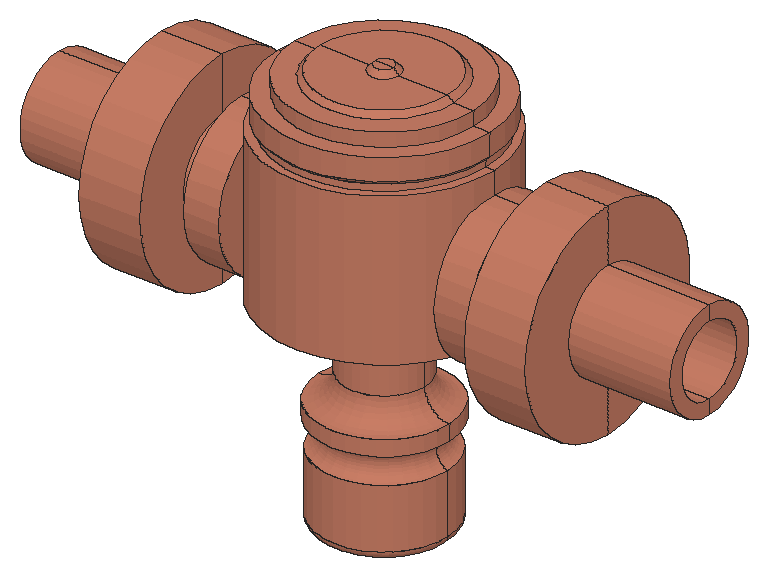
Revit family
Parameters (values of type "2699-1")
  Weight (lb) = 1.41
  Waste Connection = no
  Warranty = "1 year material and workmanship"  # constant formula
  Vent Connection = no
  URL = "http://www.jrsmith.com"
  Technical and Installation = "http://www.jrsmith.com/products/floor/tech_data_index.htm"
  SmartBIM Object Version = 3  # constant formula
  SmartBIM Object Created By = "Reed Construction Data"  # constant formula
  Product URL = "http://www.jrsmith.com/products/floor/submittal/d2699.pdf"
  Outlet Diameter = 0' - 0 1/2"
  Outlet Radius = Outlet Diameter / 2  # 0' - 0 1/4"
  OmniClass Title = "Sanitary Drains"  # constant formula
  OmniClass Code = "22-22 13 19 13"  # constant formula
  NPT Female = no
  Model = "2699"  # constant formula
  Material Finish = Duco Coated
  Material = Cast Iron
  Manufacturer = "Jay R. Smith Mfg. Co."  # constant formula
  Flow Rate = ""
  Description = "Duco cast iron with 1/2\" Copper Sweat"
  Default Elevation = 4' - 0"
  Copper Sweat = yes
  Connection Type = ""
  Assembly Code = "D2030300"
  95 CSI = "15155"  # constant formula
  04 CSI = "22 13 19"  # constant formula
Types (2): name | Weight (lb) | NPT Female | Description | Copper Sweat
  2699 | 1.25 | yes | "Duco cast iron with 1/2\" NPT tapping" | no
  2699-1 | 1.41 | no | "Duco cast iron with 1/2\" Copper Sweat" | yes
Reference planes (in)
  plane 1 "Center (Front/Back)": y = 0
  plane 2: z = 0
  plane 3 "Center (Left/Right)": x = 0
  plane 4: z = 1.85367
  plane 5: z = 2.10367
  plane 6: z = 1.60367
  plane 7: z = 1.71429
  plane 8: x = -0.25
  plane 9: x = 0.25
Forms (in)
  Revolve 1, solid, material "Cast Iron" <- "Material"
    sketch origin (0, 0, 0) x (1, 0, 0) y (0, 0, 1)
      loop
        line (-0.17215, 1.13095) -> (-0.17215, 1.52754) -> (-0.20714, 1.52754) -> (-0.20714, 1.71429) -> (-0.47035, 1.71429) -> (-0.47035, 1.44812)
        arc (-0.47035, 1.44812) -> (-0.34152, 1.39611) -> (-0.28797, 1.26791) r 0.18022
        line (-0.28797, 1.26791) -> (-0.28797, 0.96492)
        arc (-0.28797, 0.96492) -> (-0.34062, 0.83792) -> (-0.4677, 0.78543) r 0.17949
        line (-0.4677, 0.78543) -> (-0.4677, 0.67595)
        arc (-0.4677, 0.67595) -> (-0.37524, 0.58534) -> (-0.45242, 0.48142) r 0.09848
        line (-0.45242, 0.48142) -> (-0.45242, 0.05494)
        arc (-0.45242, 0.05494) -> (-0.43633, 0.01609) -> (-0.39749, 0) r 0.05494
        line (-0.39749, 0) -> (-0.25, 0) -> (-0.25, 0.68033) -> (-0.10965, 0.68033) -> (-0.10965, 1.13095) -> (-0.17215, 1.13095)
      axis (0, 1.71429) -> (0, 0)
    angle from 0 to 360
  Revolve 2, solid, material "Cast Iron" <- "Material", visible <- "NPT Female"
    sketch origin (0, 0, 0) x (1, 0, 0) y (0, 0, 1)
      loop
        line (-1.43463, 1.33746) -> (-0.20417, 1.33746) -> (-0.20417, 1.41692) -> (-0.30166, 1.41692) -> (-0.30166, 1.46342) -> (-0.86736, 1.46342) -> (-0.98359, 1.54866) -> (-0.98359, 1.60367) -> (-1.49713, 1.60367) -> (-1.49713, 1.39996)
        arc (-1.49713, 1.39996) -> (-1.47882, 1.35576) -> (-1.43463, 1.33746) r 0.0625
      loop
        arc (1.43463, 1.33746) -> (1.47882, 1.35576) -> (1.49713, 1.39996) r 0.0625
        line (1.49713, 1.39996) -> (1.49713, 1.60367) -> (0.98359, 1.60367) -> (0.98359, 1.54866) -> (0.86736, 1.46342) -> (0.30166, 1.46342) -> (0.30166, 1.41692) -> (0.20417, 1.41692) -> (0.20417, 1.33746) -> (1.43463, 1.33746)
      axis (-1.49713, 1.85367) -> (1.49713, 1.85367)
    angle from 0 to 360
  Revolve 3, solid, material "Cast Iron" <- "Material"
    sketch origin (0, 0, 0) x (1, 0, 0) y (0, 0, 1)
      loop
        line (-0.79019, 1.44652) -> (-0.46915, 1.44652) -> (-0.46915, 1.77814) -> (-0.66588, 1.97487) -> (-0.66588, 2.1008) -> (-0.59427, 2.16877) -> (-0.59427, 2.3912) -> (-0.14778, 2.3912) -> (-0.14778, 2.61986) -> (0, 2.76764) -> (0, 2.93565) -> (-0.06493, 2.93565) -> (-0.10234, 2.89777) -> (-0.45807, 2.89777) -> (-0.49469, 2.86115) -> (-0.64196, 2.86115) -> (-0.64196, 2.76233) -> (-0.75979, 2.76233) -> (-0.75979, 2.6065) -> (-0.72938, 2.57609) -> (-0.72938, 2.53048) -> (-0.79019, 2.53048) -> (-0.79019, 1.44652)
      axis (0, 1.44652) -> (0, 2.93565)
    angle from 0 to 360
  Revolve 4, solid, material "Cast Iron" <- "Material", visible <- "Copper Sweat"
    sketch origin (0, 0, 0) x (1, 0, 0) y (0, 0, 1)
      loop
        line (-1.16481, 1.11663) -> (-1.16481, 1.50114) -> (-1.02383, 1.50114) -> (-1.02383, 1.33316) -> (-0.77383, 1.33316) -> (-0.77383, 1.60367) -> (-2.33115, 1.60367) -> (-2.33115, 1.50114) -> (-1.60059, 1.50114) -> (-1.60059, 1.11663) -> (-1.16481, 1.11663)
      loop
        line (1.16481, 1.11663) -> (1.60059, 1.11663) -> (1.60059, 1.50114) -> (2.33115, 1.50114) -> (2.33115, 1.60367) -> (0.77383, 1.60367) -> (0.77383, 1.33316) -> (1.02383, 1.33316) -> (1.02383, 1.50114) -> (1.16481, 1.50114) -> (1.16481, 1.11663)
      axis (-2.33115, 1.85367) -> (2.33115, 1.85367)
    angle from 0 to 360
Dimensions and locks (in)
  equal spacing: plane 5, plane 4, plane 6
  "Outlet Diameter": plane 5 to plane 6
  Revolve 2 sketch curve to Revolve 2 sketch curve to Revolve 2 sketch curve to Revolve 2 sketch curve to Revolve 2 sketch curve = 0' - 0.05501" locked, 0' - 0.08524" locked, 0' - 0.04649" locked, 0' - 0.07947" locked  (x2)
  locked: Revolve 2 sketch curve to Revolve 2 sketch curve at 0.08839  (x2)
  plane 7 to plane 2 = 0' - 1.71429"
  locked: plane 7 to plane 6 at 0.11062
  "Outlet Diameter": plane 9 to plane 8
  equal spacing: plane 9, plane 3 "Center (Left/Right)", plane 8
  Revolve 1 sketch curve to Revolve 1 sketch curve to Revolve 1 sketch curve to Revolve 1 sketch curve = 0' - 0.09749" locked, 0' - 0.04286" locked, 0' - 0.20242" locked
  locked: Revolve 1 sketch curve to Revolve 1 sketch curve at 0.03499
  locked: Revolve 2 sketch curve to Revolve 2 sketch curve at 0.51353
  locked: Revolve 2 sketch curve to Revolve 3 at 0.22381
  locked: Revolve 3 to Revolve 2 sketch curve at 0.22381
  Revolve 4 sketch curve to Revolve 4 sketch curve to Revolve 4 sketch curve to Revolve 4 sketch curve = 0' - 0.10254" locked, 0' - 0 43/256" locked, 0' - 0.21654" locked
  locked: Revolve 4 sketch curve to Revolve 3 at 1.57137
  locked: Revolve 3 to Revolve 4 sketch curve at 1.57137
  aligned and locked: level to plane 2
  aligned and locked: Revolve 2 sketch curve to plane 6
  aligned and locked: plane 6 to Revolve 2 sketch curve
  aligned and locked: Revolve 1 sketch curve to plane 8
  aligned and locked: Revolve 4 sketch curve to Revolve 4 sketch curve  (x6)
  aligned and locked: Revolve 4 sketch curve to plane 6
Automatic sketch dimensions
  Revolve 2 sketch curve to plane 4 = 0' - 0"
  Revolve 2 sketch curve to Revolve 2 sketch curve = 0' - 0.30815"
  Revolve 2 sketch curve to Revolve 2 sketch curve = 0' - 0.11624"  (x2)
  Revolve 2 sketch curve to plane 3 "Center (Left/Right)" = 0' - 0.30166"
  Revolve 2 sketch curve to Revolve 2 sketch curve = 0' - 0.09749"  (x2)
  Revolve 2 sketch curve to Revolve 2 sketch curve = 0' - 0"  (x2)
  plane 3 "Center (Left/Right)" to Revolve 2 sketch curve = 0' - 0.20417"
  Revolve 2 sketch curve to Revolve 2 sketch curve = 0' - 0.45103"
  Revolve 1 sketch curve to plane 7 = 0' - 0"
  Revolve 1 sketch curve to level = 0' - 0"
  Revolve 1 sketch curve to plane 3 "Center (Left/Right)" = 0' - 0"
  Revolve 1 sketch curve to plane 8 = 0' - 0.21745"
  Revolve 1 sketch curve to Revolve 1 sketch curve = 0' - 0.01527"
  Revolve 1 sketch curve to plane 8 = 0' - 0.21818"
  Revolve 1 sketch curve to plane 8 = 0' - 0.22035"
  Revolve 1 sketch curve to Revolve 1 sketch curve = 0' - 0.00573"
  Revolve 1 sketch curve to Revolve 1 sketch curve = 0' - 0.05494"
  Revolve 1 sketch curve to plane 8 = 0' - 0.03797"
  Revolve 1 sketch curve to Revolve 1 sketch curve = 0' - 0.42648"
  Revolve 1 sketch curve to Revolve 1 sketch curve = 0' - 0.09622"
  Revolve 1 sketch curve to Revolve 1 sketch curve = 0' - 0.00438"
  Revolve 1 sketch curve to Revolve 1 sketch curve = 0' - 0"
  Revolve 1 sketch curve to Revolve 1 sketch curve = 0' - 0.10948"
  Revolve 1 sketch curve to Revolve 1 sketch curve = 0' - 0.13696"
  Revolve 1 sketch curve to plane 6 = 0' - 0.22272"
  Revolve 1 sketch curve to plane 6 = 0' - 0.07613"
  Revolve 1 sketch curve to Revolve 1 sketch curve = 0' - 0.16603"
  Revolve 3 sketch curve to plane 3 "Center (Left/Right)" = 0' - 0"  (x2)
  Revolve 3 sketch curve to Revolve 3 sketch curve = 0' - 0.06493"
  Revolve 3 sketch curve to Revolve 3 sketch curve = 0' - 0.03741"
  plane 8 to Revolve 3 sketch curve = 0' - 0.10222"
  Revolve 3 sketch curve to plane 8 = 0' - 0.20807"
  plane 4 to Revolve 3 sketch curve = 0' - 0.07553"
  Revolve 3 sketch curve to plane 8 = 0' - 0.21915"
  Revolve 3 sketch curve to Revolve 3 sketch curve = 0' - 0.03662"  (x2)
  Revolve 3 sketch curve to plane 8 = 0' - 0.34427"
  Revolve 3 sketch curve to Revolve 3 sketch curve = 0' - 0.14727"
  Revolve 3 sketch curve to plane 4 = 0' - 0.1212"
  Revolve 3 sketch curve to Revolve 3 sketch curve = 0' - 0.07161"
  Revolve 3 sketch curve to Revolve 3 sketch curve = 0' - 0.13511"
  Revolve 3 sketch curve to Revolve 3 sketch curve = 0' - 0.03041"  (x2)
  Revolve 3 sketch curve to Revolve 3 sketch curve = 0' - 0.32104"
  Revolve 3 sketch curve to plane 7 = 0' - 0.00568"
  Revolve 3 sketch curve to plane 6 = 0' - 0.15715"
  plane 5 to Revolve 3 sketch curve = 0' - 0.00287"
  Revolve 3 sketch curve to plane 5 = 0' - 0.0651"
  Revolve 3 sketch curve to Revolve 3 sketch curve = 0' - 0.22242"
  Revolve 3 sketch curve to Revolve 3 sketch curve = 0' - 0.13929"
  Revolve 3 sketch curve to Revolve 3 sketch curve = 0' - 0.04561"
  Revolve 3 sketch curve to Revolve 3 sketch curve = 0' - 0.22867"
  Revolve 3 sketch curve to Revolve 3 sketch curve = 0' - 0.15583"
  Revolve 3 sketch curve to Revolve 3 sketch curve = 0' - 0.14778"
  Revolve 3 sketch curve to Revolve 3 sketch curve = 0' - 0.09882"
  Revolve 3 sketch curve to Revolve 3 sketch curve = 0' - 0.03789"
  Revolve 3 sketch curve to Revolve 3 sketch curve = 0' - 0.14401"
  Revolve 2 sketch curve to plane 8 = 0' - 0.30527"
  Revolve 4 sketch curve to plane 4 = 0' - 0"
  Revolve 4 sketch curve to Revolve 4 sketch curve = 0' - 0.08115"
  Revolve 4 sketch curve to Revolve 4 sketch curve = 0' - 0.73056"
  Revolve 4 sketch curve to Revolve 4 sketch curve = 0' - 0.43578"  (x2)
  Revolve 4 sketch curve to Revolve 4 sketch curve = 0' - 0.03415"
  Revolve 4 sketch curve to Revolve 4 sketch curve = 0' - 0.14099"  (x2)
  Revolve 4 sketch curve to Revolve 4 sketch curve = 0' - 0 1/4"  (x2)
  Revolve 4 sketch curve to plane 9 = 0' - 0.52383"
Connectors (in)
  piping at (-2.33115, 0, 1.85367), driven by "Outlet Radius"
    settings: on Revolve 4, index 1
  piping at (2.33115, 0, 1.85367), driven by "Outlet Radius"
    settings: on Revolve 4, index 2
  piping at (0, 0, 0), driven by "Outlet Radius"
    settings: on Revolve 1, index 3
